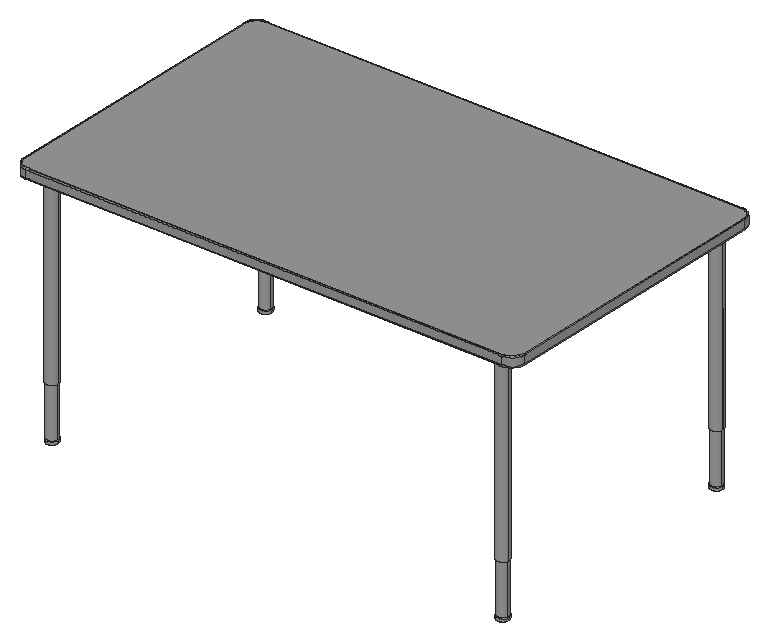
Revit family "Hierarchy Activity 60x36", category Generic Models, Revit 2018
Family settings
  Can host rebar = No
  Round Connector Dimension = Use Diameter
  Part Type = Normal
  Work Plane-Based = No
  Always vertical = Yes
  Cut with Voids When Loaded = No
  Shared = No
  Room Calculation Point = No
Parameters
  Table Height = 2' - 4 1/2"
  Surface = Hierarchy Activity 6036 Surface
  Leg Finish = Shapes Leg Platinum
  Edgeband = Hierarchy Activity 6036 Edgeband
  Caster/Glider = Shapes Leg - Glider : Shapes Leg - Glider
Reference planes (in)
  plane 1 "Center (Front/Back)": y = 0
  plane 2: z = 0
  plane 3 "Center (Left/Right)": x = 0
  plane 4: z = 28.5
Dimensions and locks (in)
  "Table Height": plane 4 to level
  aligned and locked: plane 2 to level
  aligned and locked: nested 1 to plane 4
Nested families (in)
  nested 1: "Activity 60x36 Tabletop" at (0, 0, 4.575), type "Activity 60x36 Tabletop"
  nested 2: "Shapes Leg - Glider" at (-27, 16, 0), Leg Height <- "Table Height", Shapes Leg Finish <- "Leg Finish", type "Shapes Leg - Glider"
    with Shapes Leg Finish Shapes Leg Platinum, Leg Height 2' - 4 1/2"
  nested 3: "Shapes Leg - Glider" at (27, 16, 0), Leg Height <- "Table Height", Shapes Leg Finish <- "Leg Finish", type <- "Caster/Glider", type "Shapes Leg - Glider"
    with Shapes Leg Finish Shapes Leg Platinum, Leg Height 2' - 4 1/2"
  nested 4: "Shapes Leg - Glider" at (-27, -16, 0), Leg Height <- "Table Height", Shapes Leg Finish <- "Leg Finish", type "Shapes Leg - Glider"
    with Shapes Leg Finish Shapes Leg Platinum, Leg Height 2' - 4 1/2"
  nested 5: "Shapes Leg - Glider" at (27, -16, 0), Leg Height <- "Table Height", Shapes Leg Finish <- "Leg Finish", type <- "Caster/Glider", type "Shapes Leg - Glider"
    with Shapes Leg Finish Shapes Leg Platinum, Leg Height 2' - 4 1/2"
Definition of nested family "Activity 60x36 Tabletop"
  Parameters (values of type "Activity 60x36 Tabletop")
    Surface = none
    Edgeband = none
  Reference planes (in)
    plane 1 "Center (Front/Back)": y = 0
    plane 2: z = 0
    plane 3 "Center (Left/Right)": x = 0
  Forms (in)
    Extrusion 1, solid, material <- "Surface"
      sketch origin (0, 0, 0) x (1, 0, 0) y (0, 1, 0)
        loop
          line (28.5, 17.88189) -> (-28.5, 17.88189)
          arc (-28.5, 17.88189) -> (-29.47714, 17.47714) -> (-29.88189, 16.5) r 1.38189
          line (-29.88189, 16.5) -> (-29.88189, -16.5)
          arc (-29.88189, -16.5) -> (-29.47714, -17.47714) -> (-28.5, -17.88189) r 1.38189
          line (-28.5, -17.88189) -> (28.5, -17.88189)
          arc (28.5, -17.88189) -> (29.47714, -17.47714) -> (29.88189, -16.5) r 1.38189
          line (29.88189, -16.5) -> (29.88189, 16.5)
          arc (29.88189, 16.5) -> (29.47714, 17.47714) -> (28.5, 17.88189) r 1.38189
      from 23.925 to 25.125
    Sweep 2, solid, material <- "Edgeband"
      path origin (0, 0, 0) x (1, 0, 0) y (0, 1, 0)
        loop
          line (28.5, 17.88189) -> (-28.5, 17.88189)
          arc (-28.5, 17.88189) -> (-29.47714, 17.47714) -> (-29.88189, 16.5) r 1.38189
          line (-29.88189, 16.5) -> (-29.88189, -16.5)
          arc (-29.88189, -16.5) -> (-29.47714, -17.47714) -> (-28.5, -17.88189) r 1.38189
          line (-28.5, -17.88189) -> (28.5, -17.88189)
          arc (28.5, -17.88189) -> (29.47714, -17.47714) -> (29.88189, -16.5) r 1.38189
          line (29.88189, -16.5) -> (29.88189, 16.5)
          arc (29.88189, 16.5) -> (29.47714, 17.47714) -> (28.5, 17.88189) r 1.38189
      profile origin (0, 17.88189, 0) x (0, -1, 0) y (0, 0, 1)
        loop
          arc (0, 25.125) -> (-0.08352, 25.09041) -> (-0.11811, 25.00689) r 0.11811
          line (-0.11811, 25.00689) -> (-0.11811, 24.04311)
          arc (-0.11811, 24.04311) -> (-0.08352, 23.95959) -> (0, 23.925) r 0.11811
          line (0, 23.925) -> (0, 25.125)
  Dimensions and locks (in)
    aligned and locked: plane 2 to level
Definition of nested family "Shapes Leg - Glider"
  Parameters (values of type "Shapes Leg - Glider")
    Shapes Leg Finish [instance] = none
    Leg Height [instance] = 2' - 4 1/2"
  Reference planes (in)
    plane 1 "Center (Front/Back)": y = 0
    plane 2: z = 0
    plane 3 "Center (Left/Right)": x = 0
  Forms (in)
    Extrusion 1, solid
      sketch origin (-0.01562, 0, 0) x (1, 0, 0) y (0, 1, 0)
        loop
          circle (0.01563, 0) r 0.64906
      from 0.50586 to 20.17439
  Dimensions and locks (in)
    "Leg Height": nested 2 to level
    aligned and locked: plane 2 to level
  Automatic sketch dimensions
    plane 1 "Center (Front/Back)" to Extrusion 1 sketch curve = 0' - 0"
    Extrusion 1 sketch curve to plane 3 "Center (Left/Right)" = 0' - 0"
    radius of Extrusion 1 sketch curve = 0' - 0.64906"
  Nested families (in)
    nested 1: "Glider" at (0, 0, 0), type "Glider"
    nested 2: "Shapes Upper Leg" at (0, 0, 0), Shapes Leg Finish <- "Shapes Leg Finish", type "Shapes Upper Leg"
      with Shapes Leg Finish none
  Definition of nested family "Glider"
    Reference planes (in)
      plane 1 "Center (Front/Back)": y = 0
      plane 2: z = 0
      plane 3 "Center (Left/Right)": x = 0
    Forms (in)
      Revolve 1, solid
        sketch origin (0, 0, 0) x (1, 0, 0) y (0, 0, 1)
          loop
            line (0.26614, 0.50586) -> (0, 0.50586) -> (0, 0.09994) -> (0.71656, 0.09994) -> (0.71656, 0.37634)
            arc (0.71656, 0.37634) -> (0.70181, 0.41548) -> (0.66511, 0.43552) r 0.06011
            arc (0.66511, 0.43552) -> (0.46609, 0.45951) -> (0.26614, 0.47365) r 4.06535
            line (0.26614, 0.47365) -> (0.26614, 0.50586)
          axis (0, 0.50586) -> (0, 0.09994)
        angle from 0 to 360
      Revolve 2, solid
        sketch origin (0, 0, 0) x (1, 0, 0) y (0, 0, 1)
          loop
            line (0.65534, 0.1212) -> (0, 0.1212) -> (0, 0) -> (0.57593, 0)
            arc (0.57593, 0) -> (0.63208, 0.02326) -> (0.65534, 0.07941) r 0.07941
            line (0.65534, 0.07941) -> (0.65534, 0.1212)
          axis (0, 0.1212) -> (0, 0)
        angle from 0 to 360
    Dimensions and locks (in)
      aligned and locked: plane 2 to level
  Definition of nested family "Shapes Upper Leg"
    Parameters (values of type "Shapes Upper Leg")
      Shapes Leg Finish [instance] = none
    Reference planes (in)
      plane 1 "Center (Front/Back)": y = 0
      plane 2: z = 0
      plane 3 "Center (Left/Right)": x = 0
    Forms (in)
      Extrusion 1, solid, material <- "Shapes Leg Finish"
        sketch origin (0, 0, 0) x (1, 0, 0) y (0, 1, 0)
          loop
            circle (0, 0) r 0.75
        from 6.5 to 28.5
    Dimensions and locks (in)
      aligned and locked: plane 2 to level
